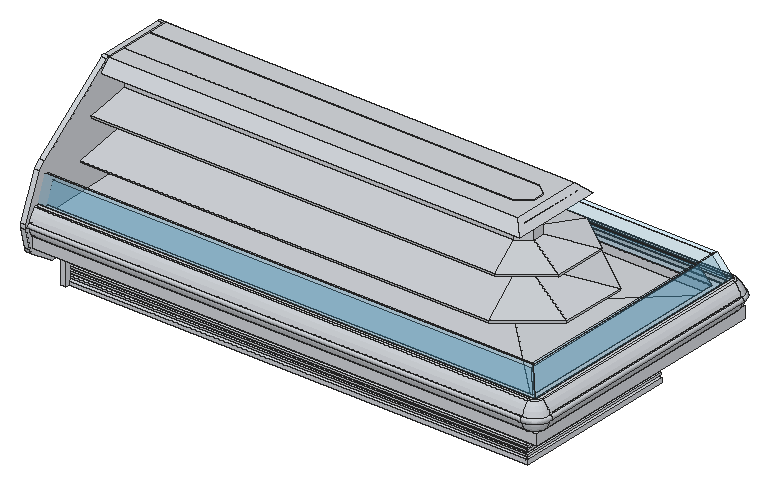
Revit family "O3IMB_10BF", category Mechanical Equipment, Revit 2019
Family settings
  Round Connector Dimension = Use Radius
  Part Type = Normal
  OmniClass Number = 23.40.40.11.17
  OmniClass Title = Refrigerated Cases
  Work Plane-Based = Yes
  Always vertical = Yes
  Cut with Voids When Loaded = No
  Shared = No
  Room Calculation Point = No
Parameters (values of type "O3IMB 12', 8" SHELF DEPTH")
  WIDTH = 79 3/4"  # constant formula
  WEIGHT = 0.00 lbf  # constant formula
  WATER LINE MOUNTING HEIGHT ABOVE FLOOR = 0"  # constant formula
  VOLTAGE = 120 V  # constant formula
  URL = "http://www.hillphoenix.com/case-model/o3im-meat/"
  TIME OFF DEFROST = yes
  THERMOPANE GLASS FRONT [instance] = yes
  T8 LIGHTING BTU ADD PER ROW = 80
  T8 LIGHTING AMPS = T8 LIGHTING AMPS PER ROW * (SHELF LIGHT ROWS + CORNICE AND NOSE LIGHT ROWS)  # 5.15 A
  SHELF LIGHT ROWS = 5
  REVERSE AIR DEFROST = no
  PLEXI GLAS FRONT [instance] = not(THERMOPANE GLASS FRONT)  # no
  PARALLEL EVAPORATOR LOAD = (BTU PER FOOT PARALLEL * LENGTH FOR BTU) + BTU ADD FOR LIGHTS  # 22752
  LIGHTING WATTAGE = if(T8 LIGHT OR LED LIGHT, T8 LIGHTING WATTAGE, LED LIGHTING WATTAGE)  # 618 VA
  LIGHT AMPS = if(T8 LIGHT OR LED LIGHT, T8 LIGHTING AMPS, LED LIGHTING AMPS)  # 5.15 A
  TOTAL CASE WATTAGE = FAN WATTAGE + ANTI SWEAT HEATER WATTAGE + LIGHTING WATTAGE  # 803.6 W
  TOTAL CASE AMPS = ANTI SWEAT HEATER AMPS + FAN AMPS + LIGHT AMPS  # 7.01 A
  TOTAL APPARENT FAN-LIGHT AND A/S LOAD = TOTAL CASE WATTAGE / POWER FACTOR  # 803.6 VA
  TOEKICK INSET = 1 1/2"  # constant formula
  TOEKICK HEIGHT = 5 1/2"  # constant formula
  TOE KICK [instance] = none
  T8 LIGHTING WATTAGE = VOLTAGE * T8 LIGHTING AMPS  # 618 W
  T8 LIGHTING AMPS PER ROW = 1.03 A
  T8 LIGHT OR LED LIGHT = yes
  SUCTION LINE RADIUS = 7/16"  # constant formula
  SUCTION LINE DIAMETER = SUCTION LINE RADIUS * 2  # 7/8"
  SUCTION LINE CONNECTION = "SUCTION LINE CONNECTION"  # constant formula
  SIZE OF HOT WATER HOOK-UP = 0"  # constant formula
  SIZE OF COLD WATER HOOK UP = 0"  # constant formula
  SET BACK MODE FOR ENERGY CONSERVATION = "NO"  # constant formula
  RUBBER BUMPER [instance] = none
  REFRIGERATION PIPING [instance] = none
  REF PLANE LEFT RIGHT = LENGTH / 2  # 74 3/8"
  REF PLANE FRONT BACK = WIDTH / 2  # 39 7/8"
  RECEPTICAL MOUNTING HEIGHT ABOVE FLOOR = 19 3/4"  # constant formula
  PVC PIPE [instance] = none
  PRESSURE REGULATOR = 0.00 psi  # constant formula
  POWER FACTOR = 1  # constant formula
  PNET NUMBER = "NA"  # constant formula
  PHASE = 1  # constant formula
  PAINTED METAL UPPER SHELF [instance] = none
  PAINTED METAL INTERIOR [instance] = none
  PAINTED METAL EXTERIOR [instance] = none
  NUMBER OF WIRES = 3  # constant formula
  NEMA PLUG TYPE = "N/A"  # constant formula
  Model = "O3IMB-12'"
  Manufacturer = "HILL PHOENIX"  # constant formula
  MASTER BUMPER [instance] = none
  LIQUID LINE RADIUS = 3/16"  # constant formula
  LIQUID LINE DIAMETER = LIQUID LINE RADIUS * 2  # 3/8"
  LIQUID LINE CONNECTION = "LIQUID LINE CONNECTION"  # constant formula
  LIGHTING NUMBER OF POLES = 1
  LIGHTING CONNECTION DESCRIPTION = "LIGHTING CONNECTOR"  # constant formula
  LIGHTING APPARENT LOAD = (VOLTAGE * LIGHT AMPS) / POWER FACTOR  # 618 VA
  LIGHT TYPE = if(T8 LIGHT OR LED LIGHT, "T8 FLUORESCENT", "CLEARVOYANT LED")  # "T8 FLUORESCENT"
  LENGTH FOR BTU = LENGTH / 12"  # 12
  LENGTH = 148 3/4"
  LEGEND NUMBER = Model  # "O3IMB-12'"
  LEFT END [instance] = yes
  LED LIGHTING WATTAGE = VOLTAGE * LED LIGHTING AMPS  # 270 W
  LED LIGHTING BTU ADD PER ROW = 36
  LED LIGHTING AMPS PER ROW = 0.45 A
  LED LIGHTING AMPS = LED LIGHTING AMPS PER ROW * (SHELF LIGHT ROWS + CORNICE AND NOSE LIGHT ROWS)  # 2.25 A
  Keynote = "Deli / Meat"  # constant formula
  ISOLATED GROUND REQUIRED = "NO"  # constant formula
  HOT GAS DEFROST = no
  HILL PHOENIX DRAWING NUMBER = "NA"  # constant formula
  HEIGHT = 53 3/16"  # constant formula
  GROUND FAULT PROTECTION = "NO"  # constant formula
  GLASS [instance] = Glass
  FRONT PANEL [instance] = none
  FAN WATTAGE = 36.8 W
  FAN TYPE = "ECM"  # constant formula
  FAN QUANTITY = 8
  FAN NUMBER OF POLES = 1
  FAN CONNECTOR DESCRIPTION = "FAN AND ANTI SWEAT CONNECTOR"  # constant formula
  FAN APPARENT LOAD = (VOLTAGE * FAN AMPS) / POWER FACTOR  # 74.4 VA
  FAN AND ANTI SWEAT HEATER APPARENT LOAD = FAN APPARENT LOAD + ANTI SWEAT APPARENT LOAD  # 223.2 VA
  FAN AMPS = 0.62 A
  EVAPORATOR TEMPERATURE = 17 °F  # constant formula
  EQUIPMENT MARK = "O3IMB"
  ENGINEERING CONTACT = ""  # constant formula
  END PANEL [instance] = none
  ELECTRICAL DEFROST VOLTAGE = if(ELECTRIC DEFROST, 208 V, 0 V)  # 0 V
  ELECTRIC DEFROST = no
  Description = "Wide Multi-Deck Island Merchandiser"  # constant formula
  Default Elevation = 48"
  DRIP PAN PLUMB TYPE = "HARD"  # constant formula
  DRAIN PIPE TYPE = "PVC"  # constant formula
  DRAIN PIPE LENGTH = 0"
  DRAIN LINE RADIUS = DRAIN LINE DIAMETER / 2  # 3/4"
  DRAIN LINE DIAMETER = 1 1/2"  # constant formula
  DRAIN LINE CONNECTION = "Drain Connection"  # constant formula
  DRAIN [instance] = yes
  DISCLAIMER [instance] = yes
  DISCHARGE AIR TEMPERATURE = 26 °F  # constant formula
  DIEBOARD HEIGHT = 0"  # constant formula
  DESIGNERS NAME = "PRAVEEN.J"  # constant formula
  DEFROST WATTAGE = ELECTRICAL DEFROST VOLTAGE * DEFROST AMPS  # 0 W
  DEFROST TIME AND DURATION = if(TIME OFF DEFROST, "2 @ 60 MIN", if(HOT GAS DEFROST, "2 @ 26 MIN.", "2 @ 40 MIN."))  # "2 @ 60 MIN"
  DEFROST PHASE = 1
  DEFROST AMPS = 11.54 A
  DEDICATED CIRCUIT = "YES"  # constant formula
  DATE = "05/22/12"  # constant formula
  CORNICE AND NOSE LIGHT ROWS = 0
  CONVENTIONAL EVAPORATOR LOAD = (BTU PER FOOT CONVENTIONAL * LENGTH FOR BTU) + BTU ADD FOR LIGHTS  # 24684
  CONTROL TYPE = "T-STAT"  # constant formula
  COIL REFRIGERATION CHARGE = 0.00 lbf
  CERTIFICATIONS = "NSF 7, UL471, CSA"  # constant formula
  BTU PER FOOT PARALLEL = 1496  # constant formula
  BTU PER FOOT CONVENTIONAL = 1657  # constant formula
  BTU ADD PER SHELF PER FOOT = if(T8 LIGHT OR LED LIGHT, T8 LIGHTING BTU ADD PER ROW, LED LIGHTING BTU ADD PER ROW)  # 80
  BTU ADD FOR LIGHTS = BTU ADD PER SHELF PER FOOT * SHELF LIGHT ROWS * LENGTH FOR BTU  # 4800
  BOTTOM REFRIGERATION [instance] = yes
  BOTTOM ELECTRICAL [instance] = yes
  BASE HEIGHT = 10"  # constant formula
  BASE [instance] = none
  Assembly Code = ""
  ANTI SWEAT HEATER WATTAGE = ANTI SWEAT HEATER AMPS * VOLTAGE  # 148.8 W
  ANTI SWEAT HEATER AMPS = 1.24 A
  ANTI SWEAT APPARENT LOAD = (ANTI SWEAT HEATER AMPS * VOLTAGE) * POWER FACTOR  # 148.8 VA
Types (12): name | T8 LIGHTING BTU ADD PER ROW | T8 LIGHTING AMPS | SHELF LIGHT ROWS | PARALLEL EVAPORATOR LOAD | LIGHTING WATTAGE | LIGHT AMPS | TOTAL CASE WATTAGE | TOTAL CASE AMPS | TOTAL APPARENT FAN-LIGHT AND A/S LOAD | T8 LIGHTING WATTAGE | T8 LIGHTING AMPS PER ROW | REF PLANE LEFT RIGHT | Model | LIGHTING APPARENT LOAD | LENGTH FOR BTU | LENGTH | LEGEND NUMBER | LED LIGHTING WATTAGE | LED LIGHTING BTU ADD PER ROW | LED LIGHTING AMPS PER ROW | LED LIGHTING AMPS | FAN WATTAGE | FAN QUANTITY | FAN APPARENT LOAD | FAN AND ANTI SWEAT HEATER APPARENT LOAD | FAN AMPS | DEFROST AMPS | CONVENTIONAL EVAPORATOR LOAD | BTU ADD PER SHELF PER FOOT | BTU ADD FOR LIGHTS | ANTI SWEAT HEATER WATTAGE | ANTI SWEAT HEATER AMPS | ANTI SWEAT APPARENT LOAD
  O3IMB-8' | 80 | 1.8 A | 3 | 13888 | 216 VA | 1.8 A | 349.2 W | 3.14 A | 349.2 VA | 216 W | 0.6 A | 50 3/8" | "O3IMB-8'" | 216 VA | 8 | 100 3/4" | "O3IMB-8'" | 93.6 W | 36 | 0.26 A | 0.78 A | 27.6 W | 6 | 55.2 VA | 160.8 VA | 0.46 A | 7.7 A | 15176 | 80 | 1920 | 105.6 W | 0.88 A | 105.6 VA
  O3IMB-12' | 80 | 5.15 A | 5 | 22752 | 618 VA | 5.15 A | 803.6 W | 7.01 A | 803.6 VA | 618 W | 1.03 A | 74 3/8" | "O3IMB-12'" | 618 VA | 12 | 148 3/4" | "O3IMB-12'" | 270 W | 36 | 0.45 A | 2.25 A | 36.8 W | 8 | 74.4 VA | 223.2 VA | 0.62 A | 11.54 A | 24684 | 80 | 4800 | 148.8 W | 1.24 A | 148.8 VA
  O3IMB-6' | 60 | 1.2 A | 3 | 10056 | 144 VA | 1.2 A | 238 W | 2.14 A | 238 VA | 144 W | 0.4 A | 38 3/8" | "O3IMB-6'" | 144 VA | 6 | 76 3/4" | "O3IMB-6'" | 57.6 W | 27 | 0.16 A | 0.48 A | 18.4 W | 4 | 37.2 VA | 112.8 VA | 0.31 A | 5.77 A | 11022 | 60 | 1080 | 75.6 W | 0.63 A | 75.6 VA
  O3IMB 6' TOP SILL | 60 | 1.2 A | 3 | 10056 | 144 VA | 1.2 A | 238 W | 2.14 A | 238 VA | 144 W | 0.4 A | 38 3/8" | "O3IMB-6'" | 144 VA | 6 | 76 3/4" | "O3IMB-6'" | 57.6 W | 27 | 0.16 A | 0.48 A | 18.4 W | 4 | 37.2 VA | 112.8 VA | 0.31 A | 5.77 A | 11022 | 60 | 1080 | 75.6 W | 0.63 A | 75.6 VA
  O3IMB 6', 8" SHELF DEPTH | 60 | 1.2 A | 3 | 10056 | 144 VA | 1.2 A | 238 W | 2.14 A | 238 VA | 144 W | 0.4 A | 38 3/8" | "O3IMB-6'" | 144 VA | 6 | 76 3/4" | "O3IMB-6'" | 57.6 W | 27 | 0.16 A | 0.48 A | 18.4 W | 4 | 37.2 VA | 112.8 VA | 0.31 A | 5.77 A | 11022 | 60 | 1080 | 75.6 W | 0.63 A | 75.6 VA
  O3IMB 6', 10", 12", 14", 16" SHELF DEPTH | 60 | 1.2 A | 3 | 10056 | 144 VA | 1.2 A | 238 W | 2.14 A | 238 VA | 144 W | 0.4 A | 38 3/8" | "O3IMB-6'" | 144 VA | 6 | 76 3/4" | "O3IMB-6'" | 57.6 W | 27 | 0.16 A | 0.48 A | 18.4 W | 4 | 37.2 VA | 112.8 VA | 0.31 A | 5.77 A | 11022 | 60 | 1080 | 75.6 W | 0.63 A | 75.6 VA
  O3IMB 8' TOP SILL | 80 | 1.8 A | 3 | 13888 | 216 VA | 1.8 A | 349.2 W | 3.14 A | 349.2 VA | 216 W | 0.6 A | 50 3/8" | "O3IMB-8'" | 216 VA | 8 | 100 3/4" | "O3IMB-8'" | 93.6 W | 36 | 0.26 A | 0.78 A | 27.6 W | 6 | 55.2 VA | 160.8 VA | 0.46 A | 7.7 A | 15176 | 80 | 1920 | 105.6 W | 0.88 A | 105.6 VA
  O3IMB 8', 10", 12", 14", 16" SHELF DEPTH | 80 | 1.8 A | 3 | 13888 | 216 VA | 1.8 A | 349.2 W | 3.14 A | 349.2 VA | 216 W | 0.6 A | 50 3/8" | "O3IMB-8'" | 216 VA | 8 | 100 3/4" | "O3IMB-8'" | 93.6 W | 36 | 0.26 A | 0.78 A | 27.6 W | 6 | 55.2 VA | 160.8 VA | 0.46 A | 7.7 A | 15176 | 80 | 1920 | 105.6 W | 0.88 A | 105.6 VA
  O3IMB 8', 8" SHELF DEPTH | 80 | 1.8 A | 3 | 13888 | 216 VA | 1.8 A | 349.2 W | 3.14 A | 349.2 VA | 216 W | 0.6 A | 50 3/8" | "O3IMB-8'" | 216 VA | 8 | 100 3/4" | "O3IMB-8'" | 93.6 W | 36 | 0.26 A | 0.78 A | 27.6 W | 6 | 55.2 VA | 160.8 VA | 0.46 A | 7.7 A | 15176 | 80 | 1920 | 105.6 W | 0.88 A | 105.6 VA
  O3IMB 12' TOP SILL | 80 | 5.15 A | 5 | 22752 | 618 VA | 5.15 A | 803.6 W | 7.01 A | 803.6 VA | 618 W | 1.03 A | 74 3/8" | "O3IMB-12'" | 618 VA | 12 | 148 3/4" | "O3IMB-12'" | 270 W | 36 | 0.45 A | 2.25 A | 36.8 W | 8 | 74.4 VA | 223.2 VA | 0.62 A | 11.54 A | 24684 | 80 | 4800 | 148.8 W | 1.24 A | 148.8 VA
  O3IMB 12', 10", 12", 14", 16" SHELF DEPTH | 80 | 5.15 A | 5 | 22752 | 618 VA | 5.15 A | 803.6 W | 7.01 A | 803.6 VA | 618 W | 1.03 A | 74 3/8" | "O3IMB-12'" | 618 VA | 12 | 148 3/4" | "O3IMB-12'" | 270 W | 36 | 0.45 A | 2.25 A | 36.8 W | 8 | 74.4 VA | 223.2 VA | 0.62 A | 11.54 A | 24684 | 80 | 4800 | 148.8 W | 1.24 A | 148.8 VA
  O3IMB 12', 8" SHELF DEPTH | 80 | 5.15 A | 5 | 22752 | 618 VA | 5.15 A | 803.6 W | 7.01 A | 803.6 VA | 618 W | 1.03 A | 74 3/8" | "O3IMB-12'" | 618 VA | 12 | 148 3/4" | "O3IMB-12'" | 270 W | 36 | 0.45 A | 2.25 A | 36.8 W | 8 | 74.4 VA | 223.2 VA | 0.62 A | 11.54 A | 24684 | 80 | 4800 | 148.8 W | 1.24 A | 148.8 VA
Reference planes (in)
  plane 1: z = 0.01963
  plane 2 "LEFT": x = 0
  plane 3 "CASE RIGHT": x = 148.75
  plane 4 "CASE BACK": y = -13.74044
  plane 5 "CENTER(LEFT/RIGHT)": x = 74.375
  plane 6 "CENTER(FRONT/BACK)": y = -53.61544
  plane 7: y = -93.49044
  plane 8: z = 10
  plane 9: z = 53.1875
  plane 10: y = -43.26991
  plane 11: y = -63.96097
  plane 12: z = 48.62069
  plane 13: z = 22.43319
  plane 14: y = -74.74044
Forms (in)
  Sweep 1, solid, material <- "PAINTED METAL INTERIOR"
    path origin (0, 0, 0) x (1, 0, 0) y (0, 1, 0)
      loop
        line (0, -93.49044) -> (148.75, -93.49044) -> (148.75, -13.74044) -> (0, -13.74044)
    profile origin (74.375, -93.49044, 0) x (0, 1, 0) y (0, 0, 1)
      loop
        line (15.43571, 1.23933) -> (15.43571, 0) -> (16.44467, 0) -> (16.44467, 5.75) -> (16.04671, 5.75) -> (16.04671, 5.41095)
        arc (16.04671, 5.41095) -> (15.90122, 5.05836) -> (15.54942, 4.91096) r 0.5
        line (15.54942, 4.91096) -> (15.54942, 4.41096) -> (15.62792, 4.41096) -> (16.04671, 4.49092) -> (15.90934, 4.05633)
        arc (15.90934, 4.05633) -> (15.77966, 3.82434) -> (15.54942, 3.69157) r 0.5
        line (15.54942, 3.69157) -> (15.54942, 3.19157) -> (15.62792, 3.19157) -> (16.04671, 3.27653) -> (15.90934, 2.83695)
        arc (15.90934, 2.83695) -> (15.77966, 2.60496) -> (15.54942, 2.47219) r 0.5
        line (15.54942, 2.47219) -> (15.54942, 1.97219) -> (15.62792, 1.97219) -> (16.04671, 2.05715) -> (15.90934, 1.61757)
        arc (15.90934, 1.61757) -> (15.74908, 1.33259) -> (15.43571, 1.23933) r 0.43569
  Sweep 2, solid, material <- "PAINTED METAL INTERIOR"
    path origin (0, 0, 0) x (1, 0, 0) y (0, 1, 0)
      loop
        line (0, -93.49044) -> (148.75, -93.49044) -> (148.75, -13.74044) -> (0, -13.74044)
    profile origin (74.375, -93.49044, 0) x (0, 1, 0) y (0, 0, 1)
      loop
        line (4.73876, 20.85375) -> (3.22926, 20.85375) -> (3.22926, 16.11151) -> (11.9574, 10) -> (22.87552, 10) -> (22.87552, 12.44138) -> (11.1501, 12.86578) -> (4.73876, 17.35505) -> (4.73876, 20.85375)
  Sweep 3, solid, material <- "PAINTED METAL EXTERIOR"
    path origin (0, 0, 0) x (1, 0, 0) y (0, 1, 0)
      loop
        line (0, -91.42992) -> (143.68948, -91.42992)
        arc (143.68948, -91.42992) -> (145.8108, -90.55124) -> (146.68948, -88.42992) r 3
        line (146.68948, -88.42992) -> (146.68948, -18.80096)
        arc (146.68948, -18.80096) -> (145.8108, -16.67964) -> (143.68948, -15.80096) r 3
        line (143.68948, -15.80096) -> (0, -15.80096)
    profile origin (71.84474, -91.42992, 0) x (0, 1, 0) y (0, 0, 1)
      loop
        arc (0.97698, 26.16561) -> (0.74892, 26.12252) -> (0.55232, 25.99918) r 0.625
        arc (0.55232, 25.99918) -> (-0.68003, 24.4877) -> (-1.44756, 22.69489) r 7
        arc (-1.44756, 22.69489) -> (-0.67882, 21.99775) -> (-1.4734, 21.33019) r 0.68878
        arc (-1.4734, 21.33019) -> (-1.0581, 19.98737) -> (-0.28547, 18.8132) r 5
        arc (-0.28547, 18.8132) -> (-0.20085, 18.75074) -> (-0.09802, 18.72861) r 0.25
        line (-0.09802, 18.72861) -> (1.16874, 18.72861) -> (1.16874, 20.85375) -> (1.78136, 20.85375) -> (1.78136, 26.16561) -> (0.97698, 26.16561)
  Sweep 4, solid, material <- "PAINTED METAL INTERIOR"
    path origin (0, 0, 0) x (1, 0, 0) y (0, 1, 0)
      loop
        line (0, -15.80096) -> (143.68948, -15.80096)
        arc (143.68948, -15.80096) -> (145.8108, -16.67964) -> (146.68948, -18.80096) r 3
        line (146.68948, -18.80096) -> (146.68948, -88.42992)
        arc (146.68948, -88.42992) -> (145.8108, -90.55124) -> (143.68948, -91.42992) r 3
        line (143.68948, -91.42992) -> (0, -91.42992)
    profile origin (71.84474, -91.42992, 0) x (0, -1, 0) y (0, 0, 1)
      loop
        arc (1.44756, 22.69489) -> (0.67882, 21.99775) -> (1.4734, 21.33019) r 0.68878
        arc (1.4734, 21.33019) -> (2.05614, 22.02382) -> (1.44756, 22.69489) r 0.68878
  Sweep 5, solid, material <- "PAINTED METAL INTERIOR"
    path origin (0, 0, 0) x (1, 0, 0) y (0, 1, 0)
      loop
        line (0, -93.49044) -> (148.75, -93.49044) -> (148.75, -13.74044) -> (0, -13.74044)
    profile origin (74.375, -93.49044, 0) x (0, 1, 0) y (0, 0, 1)
      loop
        line (35.345, 22.96222) -> (7.35063, 22.22916) -> (7.35063, 24.51571) -> (5.27547, 24.51571) -> (4.9991, 24.62458) -> (4.9955, 25.45109)
        arc (4.9955, 25.45109) -> (4.95014, 25.57337) -> (4.83602, 25.63648) r 0.1875
        line (4.83602, 25.63648) -> (3.84188, 25.63648) -> (3.84188, 20.85375) -> (4.73876, 20.85375) -> (4.73876, 17.35505) -> (11.1501, 12.86578) -> (22.88911, 12.44089) -> (23.48284, 11.87841) -> (24.07662, 12.44093) -> (35.345, 13.01184) -> (35.345, 22.96222)
  Sweep 6, solid, material <- "PAINTED METAL EXTERIOR"
    path origin (0, 0, 0) x (1, 0, 0) y (0, 1, 0)
      loop
        line (0, -93.49044) -> (148.75, -93.49044) -> (148.75, -13.74044) -> (0, -13.74044)
    profile origin (74.375, -93.49044, 0) x (0, 1, 0) y (0, 0, 1)
      loop
        line (32.12885, 49.14209) -> (35.345, 49.14209) -> (35.345, 53.21267) -> (29.52947, 53.21267) -> (26.62952, 50.31272) -> (28.17323, 50.31272) -> (29.07872, 51.21821) -> (31.58712, 48.62069) -> (32.12885, 49.14209)
  Extrusion 7, solid, material <- "PAINTED METAL INTERIOR"
    sketch origin (0, 0, -1.97812) x (0, 1, 0) y (0, 0, 1)
      loop
        line (-49.08544, 22.83187) -> (-58.14544, 22.83187) -> (-58.14544, 14.98996) -> (-69.39869, 14.41982) -> (-70.00044, 13.84974) -> (-70.60133, 14.41901) -> (-73.31692, 14.5173) -> (-73.31692, 4.91096) -> (-33.91471, 4.91096) -> (-33.91471, 14.51727) -> (-36.62955, 14.41901) -> (-37.23044, 13.84974) -> (-37.83219, 14.41982) -> (-49.08544, 14.98996) -> (-49.08544, 22.83187)
    from 0 to 128.57573
  Sweep 8, solid, material "Glass" <- "GLASS", visible <- "THERMOPANE GLASS FRONT"
    path origin (0, 0, 0) x (1, 0, 0) y (0, 1, 0)
      loop
        line (0, -93.49044) -> (148.75, -93.49044) -> (148.75, -13.74044) -> (0, -13.74044)
    profile origin (74.375, -93.49044, 0) x (0, 1, 0) y (0, 0, 1)
      loop
        line (6.42957, 33.27523) -> (3.84188, 26.16561) -> (3.84188, 25.63648) -> (4.77999, 25.63648) -> (7.428, 32.91183) -> (6.42957, 33.27523)
      loop
        line (7.35063, 24.44527) -> (9.56969, 29.9188)
        arc (9.56969, 29.9188) -> (9.51803, 30.0409) -> (9.39593, 29.98925) r 0.09375
        line (9.39593, 29.98925) -> (7.1483, 24.44527) -> (7.35063, 24.44527)
  Sweep 9, solid, material <- "PAINTED METAL INTERIOR"
    path origin (0, 0, 0) x (1, 0, 0) y (0, 1, 0)
      loop
        line (0, -93.49044) -> (148.75, -93.49044) -> (148.75, -13.74044) -> (0, -13.74044)
    profile origin (74.375, -93.49044, 0) x (0, 1, 0) y (0, 0, 1)
      loop
        line (16.0875, 10) -> (16.0875, 9.20269) -> (15.3825, 9.20269) -> (15.3825, 5.75) -> (20.17351, 5.75) -> (20.17351, 10) -> (16.0875, 10)
  Extrusion 10, void
    sketch origin (0, 0, 0) x (1, 0, 0) y (0, 1, 0)
      loop
        circle (25.625, -56.61544) r 1
    from 0 to 10
  Extrusion 11, solid, material <- "REFRIGERATION PIPING", visible <- "BOTTOM REFRIGERATION"
    sketch origin (0, 0, 0) x (1, 0, 0) y (0, 1, 0)
      loop
        circle (25.625, -56.20993) r 0.4375
      loop
        circle (25.64341, -57.02003) r 0.1875
    from 2.98961 to 10
  Extrusion 12, void
    sketch origin (0, 0, 0) x (1, 0, 0) y (0, 1, 0)
      loop
        circle (74.375, -53.5957) r 1.25
    from 0 to 10
  Extrusion 13, solid, material <- "PVC PIPE", visible <- "DRAIN"
    sketch origin (0, 0, 0) x (1, 0, 0) y (0, 1, 0)
      loop
        circle (74.375, -53.61544) r 0.75
    from 1.72219 to 10
  Extrusion 14, void
    sketch origin (0, 0, 0) x (1, 0, 0) y (0, 1, 0)
      loop
        line (128.57573, -40.03121) -> (128.57573, -33.85221) -> (113.82573, -33.85221) -> (113.82573, -40.03121) -> (128.57573, -40.03121)
    from 0 to 8.14955
  Sweep 15, solid, material <- "PAINTED METAL EXTERIOR"
    path origin (0, 0, 0) x (1, 0, 0) y (0, 1, 0)
      loop
        line (0, -15.80096) -> (146.68948, -15.80096) -> (146.68948, -91.42992) -> (0, -91.42992)
    profile origin (73.34474, -91.42992, 0) x (0, -1, 0) y (0, 0, 1)
      loop
        line (0.05002, 18.72861) -> (-1.16874, 18.72861) -> (-1.16874, 16.11151) -> (-9.47879, 10.29275) -> (-8.78236, 9.29813) -> (0.05002, 15.48263) -> (0.05002, 18.72861)
  Sweep 16, solid, material <- "PAINTED METAL INTERIOR"
    path origin (0, 0, 0) x (1, 0, 0) y (0, 1, 0)
      loop
        line (0, -58.14544) -> (113.405, -58.14544) -> (116.905, -55.41094) -> (116.905, -51.81994) -> (113.405, -49.08544) -> (0, -49.08544)
    profile origin (56.7025, -58.14544, 0) x (0, 1, 0) y (0, 0, 1)
      loop
        line (0, 40.62485) -> (0, 42.93485) -> (-12.2155, 40.78093) -> (-12.12325, 40.25775) -> (-6.73758, 41.20739) -> (-6.65076, 40.71499) -> (0, 40.62485)
      loop
        line (0, 33.70932) -> (-16.15594, 30.86059) -> (-16.06369, 30.33741) -> (-10.73957, 31.2762) -> (-10.69616, 31.02999) -> (0, 31.38129) -> (0, 33.70932)
  Extrusion 17, solid, material <- "PAINTED METAL INTERIOR"
    sketch origin (0, 0, 0) x (1, 0, 0) y (0, 1, 0)
      loop
        line (0, -49.08544) -> (0, -58.14544) -> (113.405, -58.14544) -> (116.905, -55.41094) -> (116.905, -51.81994) -> (113.405, -49.08544) -> (0, -49.08544)
    from 20.85375 to 53.21267
  Sweep 18, solid, material <- "PAINTED METAL EXTERIOR", visible <- "LEFT END"
    path origin (0, 0, 0) x (1, 0, 0) y (0, 1, 0)
      loop
        line (0, -6.74044) -> (-1.5, -6.74044)
    profile origin (-0.75, -6.74044, 0) x (0, -1, 0) y (0, 0, 1)
      loop
        arc (13.5298, 36.38668) -> (12.53657, 35.46329) -> (11.82801, 34.30695) r 5
        line (11.82801, 34.30695) -> (6.70831, 22.6463)
        arc (6.70831, 22.6463) -> (6.54985, 22.03476) -> (6.59203, 21.40443) r 1.98043
        line (6.59203, 21.40443) -> (8.02514, 15.40284)
        arc (8.02514, 15.40284) -> (8.31659, 14.74276) -> (8.8233, 14.22905) r 2
        line (8.8233, 14.22905) -> (15.66433, 9.64775)
        arc (15.66433, 9.64775) -> (16.21007, 9.37862) -> (16.81148, 9.28605) r 2
        line (16.81148, 9.28605) -> (76.93852, 9.28605)
        arc (76.93852, 9.28605) -> (77.53993, 9.37862) -> (78.08567, 9.64775) r 2
        line (78.08567, 9.64775) -> (84.9267, 14.22905)
        arc (84.9267, 14.22905) -> (85.43341, 14.74276) -> (85.72486, 15.40284) r 2
        line (85.72486, 15.40284) -> (87.15797, 21.40443)
        arc (87.15797, 21.40443) -> (87.20015, 22.03476) -> (87.04169, 22.6463) r 1.98043
        line (87.04169, 22.6463) -> (81.92199, 34.30695)
        arc (81.92199, 34.30695) -> (81.21343, 35.46329) -> (80.2202, 36.38668) r 5
        line (80.2202, 36.38668) -> (57.75131, 53.03969)
        arc (57.75131, 53.03969) -> (57.20415, 53.31058) -> (56.60076, 53.40377) r 2
        line (56.60076, 53.40377) -> (37.14924, 53.40377)
        arc (37.14924, 53.40377) -> (36.54585, 53.31058) -> (35.99869, 53.03969) r 2
        line (35.99869, 53.03969) -> (13.5298, 36.38668)
  Sweep 19, solid, material "Glass" <- "GLASS", visible <- "PLEXI GLAS FRONT"
    path origin (0, 0, 0) x (1, 0, 0) y (0, 1, 0)
      loop
        line (0, -13.7447) -> (148.75, -13.7447) -> (148.75, -93.49044) -> (0, -93.49044)
    profile origin (74.375, -13.7447, 0) x (0, 1, 0) y (0, 0, 1)
      loop
        arc (-7.59308, 34.30358) -> (-5.87987, 31.94975) -> (-5.27699, 29.10157) r 6.97344
        line (-5.27699, 29.10157) -> (-5.27699, 24.51344) -> (-4.99484, 24.62458) -> (-4.99043, 25.63648) -> (-4.77699, 25.63648) -> (-4.77699, 29.10157)
        arc (-4.77699, 29.10157) -> (-5.4254, 32.15209) -> (-7.25851, 34.67515) r 7.5
        line (-7.25851, 34.67515) -> (-7.59308, 34.30358)
      loop
        arc (-7.34637, 30.87466) -> (-7.47137, 30.99966) -> (-7.59637, 30.87466) r 0.125
        line (-7.59637, 30.87466) -> (-7.59637, 23.43716) -> (-7.34637, 23.43716) -> (-7.34637, 30.87466)
  Extrusion 20, solid, material <- "PAINTED METAL INTERIOR"
    sketch origin (0, 0, 0) x (0, 1, 0) y (0, 0, 1)
      loop
        line (-28.12294, 9.28605) -> (-79.10794, 9.28605) -> (-79.10794, 0) -> (-28.12294, 0) -> (-28.12294, 9.28605)
    from -1.5 to 0
Cuts and joins
  Extrusion 10, Extrusion 12, Extrusion 14 cuts Sweep 1
  Extrusion 10, Extrusion 12, Extrusion 14 cuts Extrusion 7
  Extrusion 10, Extrusion 12, Extrusion 14 cuts Sweep 9
Text (in)
  text "12\"" at (0, -59.71629, 47.08368), in view "Left"
  text "12\"" at (0, -43.46629, 47.08368), in view "Left"
  text "16\"" at (0, -43.46629, 38.08368), in view "Left"
  text "16\"" at (0, -59.95624, 38.65952), in view "Left"
Dimensions and locks (in)
  "REF PLANE LEFT RIGHT": plane 2 "LEFT" to plane 5 "CENTER(LEFT/RIGHT)"
  "LENGTH": plane 2 "LEFT" to plane 3 "CASE RIGHT"
  "REF PLANE FRONT BACK": plane 6 "CENTER(FRONT/BACK)" to plane 4 "CASE BACK"
  "WIDTH": plane 4 "CASE BACK" to plane 7
  locked: Extrusion 7 to plane 3 "CASE RIGHT" at 20.17427
  locked: Extrusion 12 sketch curve to plane 5 "CENTER(LEFT/RIGHT)" at 1.25
  locked: plane 5 "CENTER(LEFT/RIGHT)" to Extrusion 13 sketch curve at 0.75
  Extrusion 14 sketch curve to plane 3 "CASE RIGHT" = 20.17427"
  locked: Extrusion 14 sketch curve to Extrusion 14 sketch curve at 14.75
  locked: nested 1 to plane 3 "CASE RIGHT" at 26.92427
  locked: plane 2 "LEFT" to Extrusion 10 sketch curve at 25.625
  "BASE HEIGHT": plane 8 to level
  "HEIGHT": plane 9 to level
  plane 10 to plane 11 = 20.69106"
  plane 13 to plane 12 = 26 3/16"
  Sweep 8 to Sweep 6 = 28.75667"
  Extrusion 17 to Sweep 5 = 27.99437"
  plane 6 "CENTER(FRONT/BACK)" to plane 7 = 39 7/8"
  plane 6 "CENTER(FRONT/BACK)" to cut or joined group of Sweep 1, Extrusion 10, Extrusion 12, Extrusion 14 = 24.43929"
  plane 6 "CENTER(FRONT/BACK)" to plane 14 = 21 1/8"
  aligned and locked: plane 3 "CASE RIGHT" to Sweep 6 sketch curve
  aligned and locked: plane 3 "CASE RIGHT" to Sweep 5 sketch curve
  aligned and locked: plane 3 "CASE RIGHT" to Sweep 8 sketch curve
Automatic sketch dimensions
  Extrusion 12 sketch curve to plane 5 "CENTER(LEFT/RIGHT)" = 0"
  Extrusion 12 sketch curve to plane 6 "CENTER(FRONT/BACK)" = 0.01974"
  Extrusion 13 sketch curve to plane 5 "CENTER(LEFT/RIGHT)" = 0"
  plane 6 "CENTER(FRONT/BACK)" to Extrusion 13 sketch curve = 0"
  Sweep 1 sketch curve to level = 0"
  level to Sweep 1 sketch curve = 4.17552"
  Sweep 1 sketch curve to profile plane = 15.42376"
  Sweep 1 sketch curve to Sweep 1 sketch curve = 0"
  Sweep 1 sketch curve to Sweep 1 sketch curve = 0.01195"
  Sweep 1 sketch curve to Sweep 1 sketch curve = 0.04149"
  Sweep 1 sketch curve to Sweep 1 sketch curve = 0.12295"
  Sweep 1 sketch curve to Sweep 1 sketch curve = 0.12566"  (x2)
  Sweep 1 sketch curve to Sweep 1 sketch curve = 0.07223"
  level to Sweep 1 sketch curve = 4.41096"
  Sweep 1 sketch curve to Sweep 1 sketch curve = 0.0785"  (x3)
  level to Sweep 1 sketch curve = 4.05633"
  Sweep 1 sketch curve to Sweep 1 sketch curve = 0.28142"  (x2)
  level to Sweep 1 sketch curve = 1.61757"
  Sweep 1 sketch curve to Sweep 1 sketch curve = 0.43215"
  level to Sweep 1 sketch curve = 2.83695"
  level to Sweep 1 sketch curve = 4.49092"
  Sweep 1 sketch curve to Sweep 1 sketch curve = 0.41879"  (x3)
  level to Sweep 1 sketch curve = 3.27653"
  level to Sweep 1 sketch curve = 2.05715"
  Sweep 1 sketch curve to Sweep 1 sketch curve = 1/2"  (x3)
  Sweep 1 sketch curve to Sweep 1 sketch curve = 1.00896"
  Sweep 1 sketch curve to Sweep 1 sketch curve = 0.37824"
  Sweep 1 sketch curve to Sweep 1 sketch curve = 0.29915"
  Sweep 1 sketch curve to Sweep 1 sketch curve = 0.23543"
  Sweep 1 sketch curve to Sweep 1 sketch curve = 0.33905"
  Sweep 2 sketch curve to plane 2 "LEFT" = 0"  (x2)
  Sweep 2 sketch curve to plane 3 "CASE RIGHT" = 0"
  plane 4 "CASE BACK" to Sweep 2 sketch curve = 0"
  Sweep 8 sketch curve to plane 2 "LEFT" = 0"  (x2)
  plane 4 "CASE BACK" to Sweep 8 sketch curve = 0"
  Sweep 9 sketch curve to plane 2 "LEFT" = 0"  (x2)
  Sweep 9 sketch curve to plane 3 "CASE RIGHT" = 0"
  Sweep 1 sketch curve to plane 2 "LEFT" = 0"  (x2)
  Sweep 1 sketch curve to plane 3 "CASE RIGHT" = 0"
  plane 4 "CASE BACK" to Sweep 1 sketch curve = 0"
  Sweep 5 sketch curve to plane 2 "LEFT" = 0"  (x2)
  plane 4 "CASE BACK" to Sweep 5 sketch curve = 0"
  Sweep 6 sketch curve to plane 2 "LEFT" = 0"  (x2)
  plane 4 "CASE BACK" to Sweep 6 sketch curve = 0"
  Sweep 15 sketch curve to profile plane = 0.05002"  (x2)
  Sweep 15 sketch curve to Sweep 15 sketch curve = 0.62888"
  Sweep 15 sketch curve to Sweep 15 sketch curve = 2.6171"
  profile plane to Sweep 3 sketch curve = 1.4734"
  profile plane to Sweep 3 sketch curve = 0.28547"
  Sweep 3 sketch curve to Sweep 3 sketch curve = 0"  (x2)
  profile plane to Sweep 3 sketch curve = 0.09802"
  Sweep 3 sketch curve to profile plane = 0.55232"
  Sweep 3 sketch curve to Sweep 3 sketch curve = 0.42466"
  Sweep 3 sketch curve to profile plane = 1.16874"
  Sweep 3 sketch curve to Sweep 3 sketch curve = 0.61262"
  Sweep 3 sketch curve to Sweep 3 sketch curve = 1.68224"
  Sweep 3 sketch curve to Sweep 3 sketch curve = 1.84493"
  level to Sweep 3 sketch curve = 18.72861"
  Sweep 3 sketch curve to Sweep 3 sketch curve = 0.08459"
  Sweep 3 sketch curve to Sweep 3 sketch curve = 1.26769"
  Sweep 3 sketch curve to Sweep 3 sketch curve = 1.25824"
  Sweep 3 sketch curve to Sweep 3 sketch curve = 0.02583"
  Sweep 3 sketch curve to Sweep 3 sketch curve = 0.10591"
  Sweep 3 sketch curve to Sweep 3 sketch curve = 0.68059"
  Sweep 4 sketch curve to Sweep 4 sketch curve = 0"  (x2)
  Sweep 4 sketch curve to profile plane = 1.36748"
  Sweep 4 sketch curve to Sweep 4 sketch curve = 0.08008"
  Sweep 4 sketch curve to Sweep 4 sketch curve = 0.10591"
  level to Sweep 4 sketch curve = 21.33019"
  Sweep 4 sketch curve to Sweep 4 sketch curve = 0.68059"
  Sweep 8 sketch curve to profile plane = 3.84188"
  Sweep 8 sketch curve to Sweep 8 sketch curve = 0.9381"
  Sweep 8 sketch curve to profile plane = 6.42957"
  Sweep 8 sketch curve to Sweep 8 sketch curve = 2.36832"
  Sweep 8 sketch curve to Sweep 8 sketch curve = 0.20232"
  Sweep 8 sketch curve to Sweep 8 sketch curve = 0.99842"
  Sweep 8 sketch curve to Sweep 8 sketch curve = 1.96793"
  Sweep 8 sketch curve to Sweep 8 sketch curve = 0.08688"  (x2)
  level to Sweep 8 sketch curve = 33.27523"
  Sweep 8 sketch curve to Sweep 8 sketch curve = 0.3634"
  Sweep 8 sketch curve to Sweep 8 sketch curve = 2.92259"
  Sweep 8 sketch curve to Sweep 8 sketch curve = 0.03522"
  Sweep 8 sketch curve to Sweep 8 sketch curve = 1.19122"
  Sweep 5 sketch curve to profile plane = 3.84188"
  Sweep 5 sketch curve to Sweep 5 sketch curve = 0.89688"
  Sweep 5 sketch curve to Sweep 5 sketch curve = 0.99413"
  Sweep 5 sketch curve to Sweep 5 sketch curve = 0.02802"
  Sweep 5 sketch curve to Sweep 5 sketch curve = 0.0036"
  Sweep 5 sketch curve to Sweep 5 sketch curve = 0.27637"
  Sweep 5 sketch curve to Sweep 5 sketch curve = 2.07516"
  Sweep 5 sketch curve to Sweep 5 sketch curve = 6.41134"
  Sweep 5 sketch curve to Sweep 5 sketch curve = 11.73901"
  Sweep 5 sketch curve to Sweep 5 sketch curve = 19/32"
  Sweep 5 sketch curve to Sweep 5 sketch curve = 0.59378"
  level to Sweep 5 sketch curve = 13.01184"
  Sweep 5 sketch curve to Sweep 5 sketch curve = 11.26838"
  level to Sweep 5 sketch curve = 12.86578"
  Sweep 5 sketch curve to Sweep 5 sketch curve = 0.5709"
  Sweep 5 sketch curve to Sweep 5 sketch curve = 0.00004"
  Sweep 5 sketch curve to Sweep 5 sketch curve = 9/16"
  Sweep 5 sketch curve to Sweep 5 sketch curve = 4.48927"
  Sweep 5 sketch curve to Sweep 5 sketch curve = 3.4987"
  Sweep 5 sketch curve to Sweep 5 sketch curve = 1.37541"
  Sweep 5 sketch curve to Sweep 5 sketch curve = 9.95038"
  Sweep 5 sketch curve to Sweep 5 sketch curve = 2.28656"
  Sweep 5 sketch curve to Sweep 5 sketch curve = 0.10887"
  Sweep 5 sketch curve to Sweep 5 sketch curve = 0.82651"
  Sweep 5 sketch curve to Sweep 5 sketch curve = 0.1854"
  level to Sweep 2 sketch curve = 16.11151"
  Sweep 2 sketch curve to profile plane = 3.22926"
  Sweep 2 sketch curve to Sweep 2 sketch curve = 1.5095"
  level to Sweep 2 sketch curve = 12.86578"
  Sweep 2 sketch curve to Sweep 2 sketch curve = 6.41134"
  level to Sweep 2 sketch curve = 10"
  Sweep 2 sketch curve to Sweep 2 sketch curve = 0.8073"
  Sweep 2 sketch curve to Sweep 2 sketch curve = 10.91812"
  Sweep 2 sketch curve to Sweep 2 sketch curve = 2.44138"
  Sweep 2 sketch curve to Sweep 2 sketch curve = 1.24354"
  Sweep 2 sketch curve to Sweep 2 sketch curve = 3.4987"
  profile plane to Sweep 15 sketch curve = 8.78236"
  level to Sweep 15 sketch curve = 9.29813"
  Sweep 15 sketch curve to Sweep 15 sketch curve = 0.69644"
  Sweep 15 sketch curve to Sweep 15 sketch curve = 0.99461"
  level to Sweep 6 sketch curve = 50.31272"
  Sweep 6 sketch curve to profile plane = 26.62952"
  Sweep 6 sketch curve to Sweep 6 sketch curve = 1.54371"
  Sweep 6 sketch curve to Sweep 6 sketch curve = 0.90549"
  Sweep 6 sketch curve to Sweep 6 sketch curve = 0.45075"
  level to Sweep 6 sketch curve = 48.62069"
  level to Sweep 6 sketch curve = 49.14209"
  Sweep 6 sketch curve to Sweep 6 sketch curve = 0.54174"
  Sweep 6 sketch curve to Sweep 6 sketch curve = 3.21615"
  Sweep 6 sketch curve to Sweep 6 sketch curve = 4.07057"
  Sweep 6 sketch curve to Sweep 6 sketch curve = 1.99446"
  Sweep 6 sketch curve to Sweep 6 sketch curve = 2.5084"
  plane 6 "CENTER(FRONT/BACK)" to Extrusion 10 sketch curve = 3"
  Extrusion 11 sketch curve to Extrusion 11 sketch curve = 0.01841"
  Extrusion 11 sketch curve to Extrusion 11 sketch curve = 0.8101"
  plane 6 "CENTER(FRONT/BACK)" to Extrusion 11 sketch curve = 2.5945"
  plane 2 "LEFT" to Extrusion 11 sketch curve = 25 5/8"
  Extrusion 14 sketch curve to plane 6 "CENTER(FRONT/BACK)" = 13.58423"
  Extrusion 14 sketch curve to Extrusion 14 sketch curve = 6.179"
  plane 6 "CENTER(FRONT/BACK)" to Extrusion 7 sketch curve = 19.70149"
  Extrusion 7 sketch curve to Extrusion 7 sketch curve = 2.7156"
  Extrusion 7 sketch curve to Extrusion 7 sketch curve = 0.60089"  (x2)
  Extrusion 7 sketch curve to Extrusion 7 sketch curve = 0.60175"  (x2)
  plane 6 "CENTER(FRONT/BACK)" to Extrusion 7 sketch curve = 4.53"
  Extrusion 7 sketch curve to plane 6 "CENTER(FRONT/BACK)" = 4.53"
  Extrusion 7 sketch curve to Extrusion 7 sketch curve = 11.25325"
  Extrusion 7 sketch curve to Extrusion 7 sketch curve = 2 183/256"
  Extrusion 7 sketch curve to Extrusion 7 sketch curve = 7.84191"  (x2)
  Sweep 16 sketch curve to profile plane = 0"  (x2)
  profile plane to Sweep 16 sketch curve = 6.65076"
  Sweep 16 sketch curve to Sweep 16 sketch curve = 0.08682"
  Sweep 16 sketch curve to Sweep 16 sketch curve = 4.0454"
  Sweep 16 sketch curve to Sweep 16 sketch curve = 0.04341"
  Sweep 16 sketch curve to Sweep 16 sketch curve = 5.38567"
  Sweep 16 sketch curve to Sweep 16 sketch curve = 0.09225"  (x2)
  Sweep 16 sketch curve to Sweep 16 sketch curve = 5.32412"
  level to Sweep 16 sketch curve = 30.33741"
  Sweep 16 sketch curve to Sweep 16 sketch curve = 0.52318"
  Sweep 16 sketch curve to Sweep 16 sketch curve = 2.32802"
  Sweep 16 sketch curve to Sweep 16 sketch curve = 8.98156"
  Sweep 16 sketch curve to Sweep 16 sketch curve = 6.91553"
  Sweep 16 sketch curve to Sweep 16 sketch curve = 0.45723"
  plane 7 to Sweep 8 sketch curve = 0"
  Sweep 4 sketch curve to plane 2 "LEFT" = 0"  (x2)
  Sweep 4 sketch curve to plane 3 "CASE RIGHT" = 5.06052"  (x2)
  plane 4 "CASE BACK" to Sweep 4 sketch curve = 2.06052"
  Sweep 4 sketch curve to plane 3 "CASE RIGHT" = 2.06052"
  Sweep 4 sketch curve to plane 7 = 5.06052"
  Sweep 3 sketch curve to plane 2 "LEFT" = 0"  (x2)
  Sweep 3 sketch curve to plane 3 "CASE RIGHT" = 5.06052"  (x2)
  plane 4 "CASE BACK" to Sweep 3 sketch curve = 2.06052"
  Sweep 3 sketch curve to plane 3 "CASE RIGHT" = 2.06052"
  Sweep 3 sketch curve to plane 7 = 5.06052"
  plane 7 to Sweep 2 sketch curve = 0"
  plane 7 to Sweep 5 sketch curve = 0"
  Sweep 15 sketch curve to plane 2 "LEFT" = 0"  (x2)
  Sweep 15 sketch curve to plane 3 "CASE RIGHT" = 2.06052"
  Sweep 15 sketch curve to plane 7 = 2.06052"
  plane 4 "CASE BACK" to Sweep 15 sketch curve = 2.06052"
  Sweep 16 sketch curve to plane 2 "LEFT" = 0"  (x2)
  Sweep 16 sketch curve to plane 6 "CENTER(FRONT/BACK)" = 4.53"
  Sweep 16 sketch curve to plane 3 "CASE RIGHT" = 35.345"
  plane 6 "CENTER(FRONT/BACK)" to Sweep 16 sketch curve = 4.53"
  Sweep 16 sketch curve to Sweep 16 sketch curve = 0"
  Sweep 16 sketch curve to plane 6 "CENTER(FRONT/BACK)" = 1.7955"
  Sweep 16 sketch curve to Sweep 16 sketch curve = 3 1/2"
  plane 6 "CENTER(FRONT/BACK)" to Sweep 16 sketch curve = 1.7955"
  plane 7 to Sweep 9 sketch curve = 0"
  plane 4 "CASE BACK" to Sweep 9 sketch curve = 0"
  plane 7 to Sweep 1 sketch curve = 0"
  Extrusion 17 sketch curve to plane 2 "LEFT" = 0"
  Extrusion 17 sketch curve to plane 6 "CENTER(FRONT/BACK)" = 4.53"
  Extrusion 17 sketch curve to plane 3 "CASE RIGHT" = 35.345"
  plane 6 "CENTER(FRONT/BACK)" to Extrusion 17 sketch curve = 4.53"
  Extrusion 17 sketch curve to Extrusion 17 sketch curve = 0"
  Extrusion 17 sketch curve to plane 6 "CENTER(FRONT/BACK)" = 1.7955"
  Extrusion 17 sketch curve to Extrusion 17 sketch curve = 3 1/2"
  plane 6 "CENTER(FRONT/BACK)" to Extrusion 17 sketch curve = 1.7955"
  plane 7 to Sweep 6 sketch curve = 0"
  plane 1 to Extrusion 7 sketch curve = 2.91321"
  Extrusion 7 sketch curve to Extrusion 7 sketch curve = 8.93879"  (x2)
  Extrusion 7 sketch curve to Extrusion 7 sketch curve = 0.56927"  (x2)
  Extrusion 7 sketch curve to Extrusion 7 sketch curve = 0.57008"  (x2)
  Extrusion 7 sketch curve to Extrusion 7 sketch curve = 0.09826"
  Extrusion 7 sketch curve to Extrusion 7 sketch curve = 0.09829"
  Extrusion 7 sketch curve to Extrusion 7 sketch curve = 0.57014"
  level to Sweep 9 sketch curve = 5 3/4"
  Sweep 9 sketch curve to profile plane = 15.3825"
  Sweep 9 sketch curve to Sweep 9 sketch curve = 0.705"
  Sweep 9 sketch curve to Sweep 9 sketch curve = 4.08601"
  Sweep 9 sketch curve to Sweep 9 sketch curve = 3.45269"
  Sweep 9 sketch curve to Sweep 9 sketch curve = 0.79731"
  Sweep 18 sketch curve to plane 2 "LEFT" = 0"
  Sweep 18 sketch curve to plane 2 "LEFT" = 1 1/2"
  Sweep 18 sketch curve to plane 4 "CASE BACK" = 7"
  Sweep 18 sketch curve to profile plane = 13.5298"
  Sweep 18 sketch curve to Sweep 18 sketch curve = 22.46889"  (x2)
  Sweep 18 sketch curve to Sweep 18 sketch curve = 1.15055"  (x2)
  level to Sweep 18 sketch curve = 36.38668"  (x2)
  Sweep 18 sketch curve to Sweep 18 sketch curve = 15.01709"
  Sweep 18 sketch curve to Sweep 18 sketch curve = 1.63592"
  Sweep 18 sketch curve to Sweep 18 sketch curve = 19.45152"
  Sweep 18 sketch curve to Sweep 18 sketch curve = 2"
  Sweep 18 sketch curve to Sweep 18 sketch curve = 2.87637"
  Sweep 18 sketch curve to Sweep 18 sketch curve = 1.7018"  (x2)
  Sweep 18 sketch curve to Sweep 18 sketch curve = 2.07973"  (x2)
  level to Sweep 18 sketch curve = 22.6463"
  Sweep 18 sketch curve to Sweep 18 sketch curve = 5.1197"
  Sweep 18 sketch curve to Sweep 18 sketch curve = 1.81335"  (x2)
  Sweep 18 sketch curve to Sweep 18 sketch curve = 0.11628"  (x2)
  Sweep 18 sketch curve to Sweep 18 sketch curve = 0.79617"
  level to Sweep 18 sketch curve = 15.40284"
  Sweep 18 sketch curve to Sweep 18 sketch curve = 1.43312"  (x2)
  Sweep 18 sketch curve to Sweep 18 sketch curve = 1 121/128"
  Sweep 18 sketch curve to Sweep 18 sketch curve = 0.79815"  (x2)
  Sweep 18 sketch curve to Sweep 18 sketch curve = 1.17379"  (x2)
  level to Sweep 18 sketch curve = 9.64775"  (x2)
  Sweep 18 sketch curve to Sweep 18 sketch curve = 6.84103"
  Sweep 18 sketch curve to Sweep 18 sketch curve = 1.14715"  (x3)
  Sweep 18 sketch curve to Sweep 18 sketch curve = 0.3617"
  Sweep 18 sketch curve to profile plane = 16.81148"
  Sweep 18 sketch curve to Sweep 18 sketch curve = 7.98818"
  Sweep 18 sketch curve to Sweep 18 sketch curve = 4.58131"
  Sweep 18 sketch curve to Sweep 18 sketch curve = 6.00159"
  Sweep 18 sketch curve to Sweep 18 sketch curve = 0.4457"
  Sweep 18 sketch curve to Sweep 18 sketch curve = 4.57816"
  Sweep 19 sketch curve to plane 2 "LEFT" = 0"  (x2)
  Sweep 19 sketch curve to plane 3 "CASE RIGHT" = 0"
  plane 7 to Sweep 19 sketch curve = 0"
  plane 4 "CASE BACK" to Sweep 19 sketch curve = 0.00426"
  profile plane to Sweep 19 sketch curve = 12.27699"
  Sweep 19 sketch curve to Sweep 19 sketch curve = 0.02657"
  Sweep 19 sketch curve to Sweep 19 sketch curve = 4.65406"
  Sweep 19 sketch curve to Sweep 19 sketch curve = 0.00329"
  Sweep 19 sketch curve to Sweep 19 sketch curve = 1/8"
  Sweep 19 sketch curve to Sweep 19 sketch curve = 0.33457"
  Sweep 19 sketch curve to Sweep 19 sketch curve = 2.06938"
  Sweep 19 sketch curve to Sweep 19 sketch curve = 0.28215"
  Sweep 19 sketch curve to Sweep 19 sketch curve = 0.0044"
  Sweep 19 sketch curve to Sweep 19 sketch curve = 0.21344"
  level to Sweep 19 sketch curve = 23.43716"
  Sweep 19 sketch curve to Sweep 19 sketch curve = 1.07628"
  Sweep 19 sketch curve to Sweep 19 sketch curve = 0.11114"
  Sweep 19 sketch curve to Sweep 19 sketch curve = 1.0119"
  Sweep 19 sketch curve to Sweep 19 sketch curve = 3.46508"
  Sweep 19 sketch curve to Sweep 19 sketch curve = 0"
  Sweep 19 sketch curve to Sweep 19 sketch curve = 0.01183"
  Sweep 19 sketch curve to Sweep 19 sketch curve = 1.77309"
  Extrusion 20 sketch curve to level = 0"
  Extrusion 20 sketch curve to plane 8 = 0.71395"
  Extrusion 20 sketch curve to plane 7 = 14.3825"
  plane 4 "CASE BACK" to Extrusion 20 sketch curve = 14.3825"
  radius of Extrusion 10 sketch curve = 1"
  radius of Extrusion 11 sketch curve = 7/16"
  radius of Extrusion 11 sketch curve = 3/16"
Nested families (in)
  nested 1: "Junction Boxes - Load 4X12" at (121.82573, -36.91471, 5.5) x (0, 1, 0) z (0, 0, 1), visible <- "BOTTOM ELECTRICAL", type "4" Square 120 - 1"
    with Power Factor 1, Load 500 VA
Connectors (in)
  piping at (74.375, -53.61544, 1.72219), diameter 1.5, driven by "DRAIN LINE RADIUS", driven by "DRAIN LINE CONNECTION"
    settings: on Extrusion 13, index 1, connector inside diameter 1 1/2", connector length 0", flow factor 0, pipe flow 0 GPM, pressure drop 0.00 psi, fitting loss kfactor 0, connector angle 0.000°, fixture units 0, engagement length 0", angle of deflection 0.000°, flow configuration 0, flow direction 2, fitting loss method 0, system type 22, joint type 0, gender type 0, connector reference index -1, connector utility 0, adjustable connector no, is connector primary yes, connector description "Drain Connection"
  piping at (25.625, -56.20993, 2.98961), diameter 0.875, driven by "SUCTION LINE RADIUS", driven by "SUCTION LINE CONNECTION"
    settings: on Extrusion 11, index 2, connector inside diameter 7/8", connector length 0", flow factor 0, pipe flow 0 GPM, pressure drop 0.00 psi, fitting loss kfactor 0, connector angle 0.000°, fixture units 0, engagement length 0", angle of deflection 0.000°, flow configuration 0, flow direction 2, fitting loss method 0, system type 22, joint type 0, gender type 0, connector reference index -1, connector utility 0, adjustable connector no, is connector primary no, connector description "SUCTION LINE CONNECTION"
  piping at (25.64341, -57.02003, 2.98961), diameter 0.375, driven by "LIQUID LINE RADIUS", driven by "LIQUID LINE CONNECTION"
    settings: on Extrusion 11, index 3, connector inside diameter 3/8", connector length 0", flow factor 0, pipe flow 0 GPM, pressure drop 0.00 psi, fitting loss kfactor 0, connector angle 0.000°, fixture units 0, engagement length 0", angle of deflection 0.000°, flow configuration 0, flow direction 1, fitting loss method 0, system type 22, joint type 0, gender type 0, connector reference index -1, connector utility 0, adjustable connector no, is connector primary no, connector description "LIQUID LINE CONNECTION"
  electrical at (125.15119, -37.10202, 5.5), driven by "VOLTAGE", driven by "FAN AND ANTI SWEAT HEATER APPARENT LOAD", driven by "POWER FACTOR", driven by "FAN CONNECTOR DESCRIPTION"
    settings: on nested 1, index 4, voltage 120 V, apparent load 0 VA, apparent load phase1 223.2 VA, apparent load phase2 0 VA, apparent load phase3 0 VA, power factor 1, load classification "Other", number of poles 1, system type 31, power factor state 1, is connector primary yes, connector utility no, sub classification motor no, connector description "FAN AND ANTI SWEAT CONNECTOR"
  electrical at (120.28927, -37.29011, 5.5), driven by "VOLTAGE", driven by "LIGHTING APPARENT LOAD", driven by "POWER FACTOR", driven by "LIGHTING CONNECTION DESCRIPTION"
    settings: on nested 1, index 5, voltage 120 V, apparent load 0 VA, apparent load phase1 618 VA, apparent load phase2 0 VA, apparent load phase3 0 VA, power factor 1, load classification "Other", number of poles 1, system type 31, power factor state 1, is connector primary no, connector utility no, sub classification motor no, connector description "LIGHTING CONNECTOR"
Definition of nested family "Junction Boxes - Load 4X12"
  Parameters
    Width = 12"
    Voltage = 120 V
    Power Factor [instance] = 1
    Number of Poles = 1
    Load Classification = none
    Load [instance] = 500 VA
    Height = 4"
    Depth = 2 1/8"
    Default Elevation = 48"
    Assembly Code = ""
  Reference planes (in)
    plane 1 "Center (Front/Back)": y = 0
    plane 2: z = 0
    plane 3 "Center (Left/Right)": x = 0
    plane 4: y = 6
    plane 5: y = -6
    plane 6: x = -2
    plane 7: x = 2
    plane 8: z = 2.125
  Forms (in)
    Extrusion 1, solid
      sketch origin (0, 0, 0) x (1, 0, 0) y (0, 1, 0)
        loop
          line (-2, 6) -> (-2, -6) -> (2, -6) -> (2, 6) -> (-2, 6)
      from 0 to 2.125
  Lines and regions (in)
    symbolic lines, detail levels fine
      curve 1: line (-2, 6, 0) -> (2, 6, 0)
      curve 2: line (-2, -6, 0) -> (-2, 6, 0)
      curve 3: line (2, -6, 0) -> (-2, -6, 0)
      curve 4: line (2, 6, 0) -> (2, -6, 0)
  Dimensions and locks (in)
    equal spacing: plane 6, plane 3 "Center (Left/Right)", plane 7
    equal spacing: plane 4, plane 1 "Center (Front/Back)", plane 5
    "Height": plane 6 to plane 7
    "Width": plane 4 to plane 5
    "Depth": level to plane 8
    aligned and locked: plane 6 to Extrusion 1 sketch curve
    aligned and locked: Extrusion 1 sketch curve to plane 4
    aligned and locked: plane 5 to Extrusion 1 sketch curve
    aligned and locked: plane 7 to Extrusion 1 sketch curve
    aligned: plane 8 to Extrusion 1
    aligned and locked: plane 1 "Center (Front/Back)" to nested 1
    aligned and locked: plane 3 "Center (Left/Right)" to nested 1
  Automatic sketch dimensions
    curve 3 to plane 5 = 0"
    curve 3 to plane 6 = 0"
    curve 3 to plane 7 = 0"
    curve 2 to plane 4 = 0"
  Nested families (in)
    nested 1: "Junction Boxes Annotation" at (0, 0, 0), type "Junction Boxes Annotation", detail levels coarse+medium
  Connectors (in)
    electrical at (0, 0, 2.125), driven by "Power Factor", driven by "Load", driven by "Voltage", driven by "Load", driven by "Number of Poles", driven by "Load Classification"
      settings: on Extrusion 1, index 1, voltage 120 V, apparent load 500 VA, apparent load phase1 500 VA, apparent load phase2 0 VA, apparent load phase3 0 VA, power factor 1, load classification none, number of poles 1, system type 30, power factor state 1, is connector primary yes, connector utility no, sub classification motor no, connector description ""
  Definition of nested family "Junction Boxes Annotation"
    Parameters
      Label = "J"
    Reference planes (in)
      plane 1: y = 0
      plane 2: x = 0
    Lines and regions (in)
      detail lines
        curve 1: circle (0, 0, 0) r 0.09375 normal (0, 0, 1)
    Text (in)
      label "J" at (-0.02653, -0.0091, 0), shows "Label"
    Dimensions and locks (in)
      aligned and locked: plane 1 to curve 1
      aligned and locked: plane 2 to curve 1
